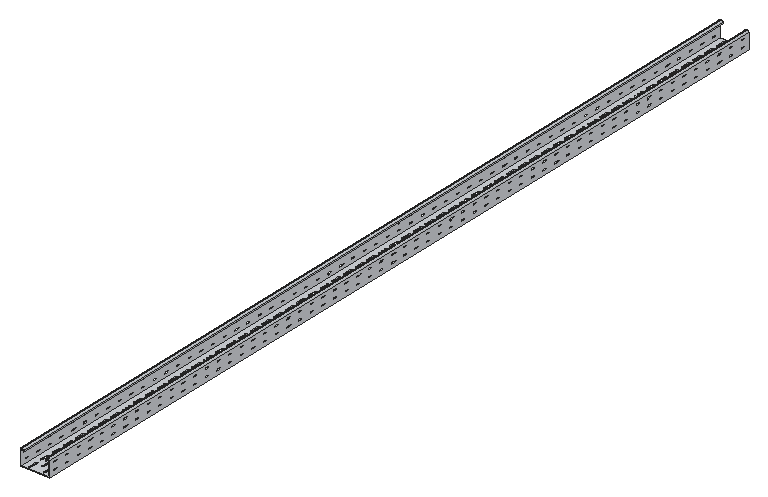
Revit family "Kabelrinne_610_FT_FS_A2_A4_FTSO", category Generic Models, Revit 2017
Family settings
  Can host rebar = No
  Round Connector Dimension = Use Diameter
  Part Type = Normal
  Work Plane-Based = No
  Always vertical = Yes
  Cut with Voids When Loaded = No
  Shared = No
  Room Calculation Point = No
Parameters (values of type "SKS 610 FT SO")
  Width 1 = Width / 2  # 50 mm
  Width = 100 mm
  URL = "http:/www.obo-bettermann.com"
  Material = hot-dip galvanised
  Manufacturer Art.No. = "7190125"
  Manufacturer = "OBO BETTERMANN"
  Length = 3000 mm
  Height = 51.418 mm
  GTIN = "4012196147137"
  Cut's space = 50 mm
  Cut's number 3 = (Length / Cut's space) - 1  # 59
  Cut's number 2 = Length / Cut's space  # 60
  Cut's number = 2
  Article Type = "SKS 610 FT SO"
Reference planes
  plane 1 "Center (Front/Back)": y = 0
  plane 2: z = 0
  plane 3 "Center (Left/Right)": x = 0
  plane 4: z = 51.418
  plane 5: y = -3000
  plane 6: x = -50
  plane 7: x = -48.464
  plane 8: x = -50
  plane 9: x = -48.497
  plane 10: x = -50
  plane 11: x = -48.497
  plane 12: x = 50
  plane 13: x = 48.468
  plane 14: x = 50
  plane 15: x = 48.468
  plane 16: x = -50
  plane 17: x = -48.497
  plane 18: x = -50
  plane 19: x = -48.497
  plane 20: x = -50
  plane 21: x = -48.497
  plane 22: x = 50
  plane 23: x = 48.468
  plane 24: x = 50
  plane 25: x = 48.468
  plane 26: x = 50
  plane 27: x = 48.468
  plane 28: x = -50
  plane 29: x = -48.497
  plane 30: x = -50
  plane 31: x = -48.497
  plane 32: x = -50
  plane 33: x = -48.497
  plane 34: x = -50
  plane 35: x = -48.497
  plane 36: x = -50
  plane 37: x = -48.497
  plane 38: x = -50
  plane 39: x = -48.497
  plane 40: x = -50
  plane 41: x = -48.497
  plane 42: x = -50
  plane 43: x = -48.497
  plane 44: x = -50
  plane 45: x = -48.497
  plane 46: x = -50
  plane 47: x = -48.497
  plane 48: x = -50
  plane 49: x = -48.497
  plane 50: x = -50
  plane 51: x = -48.497
  plane 52: x = -50
  plane 53: x = -48.497
  plane 54: x = -50
  plane 55: x = -48.497
  plane 56: x = -50
  plane 57: x = -48.497
  plane 58: x = -50
  plane 59: x = -48.497
  plane 60: x = -50
  plane 61: x = -48.497
  plane 62: x = -50
  plane 63: x = -48.497
  plane 64: x = -50
  plane 65: x = -48.497
  plane 66: x = -50
  plane 67: x = -48.497
  plane 68: x = -50
  plane 69: x = -48.497
  plane 70: x = -50
  plane 71: x = -48.497
  plane 72: x = -50
  plane 73: x = -48.497
  plane 74: x = -50
  plane 75: x = -48.497
  plane 76: x = -50
  plane 77: x = -48.497
  plane 78: x = -50
  plane 79: x = -48.497
  plane 80: x = -50
  plane 81: x = -48.497
  plane 82: x = -50
  plane 83: x = -48.497
  plane 84: x = -50
  plane 85: x = -48.497
  plane 86: x = -50
  plane 87: x = -48.497
  plane 88: x = -50
  plane 89: x = -48.497
  plane 90: x = -50
  plane 91: x = -48.497
  plane 92: x = -50
  plane 93: x = -48.497
  plane 94: x = -50
  plane 95: x = -48.497
  plane 96: x = -50
  plane 97: x = -48.497
  plane 98: x = -50
  plane 99: x = -48.497
  plane 100: x = -50
  plane 101: x = -48.497
  plane 102: x = -50
  plane 103: x = -48.497
  plane 104: x = -50
  plane 105: x = -48.497
  plane 106: x = -50
  plane 107: x = -48.497
  plane 108: x = -50
  plane 109: x = -48.497
  plane 110: x = -50
  plane 111: x = -48.497
  plane 112: x = -50
  plane 113: x = -48.497
  plane 114: x = -50
  plane 115: x = -48.497
  plane 116: x = -50
  plane 117: x = -48.497
  plane 118: x = -50
  plane 119: x = -48.497
  plane 120: x = -50
  plane 121: x = -48.497
  plane 122: x = -50
  plane 123: x = -48.497
  plane 124: x = -50
  plane 125: x = -48.497
  plane 126: x = -50
  plane 127: x = -48.497
  plane 128: x = -50
  plane 129: x = -48.497
  plane 130: x = -50
  plane 131: x = -48.497
  plane 132: x = -50
  plane 133: x = -48.497
  plane 134: x = -50
  plane 135: x = -48.497
  plane 136: x = -50
  plane 137: x = -48.497
  plane 138: x = -50
  plane 139: x = -48.497
  plane 140: x = -50
  plane 141: x = -48.497
  plane 142: x = -50
  plane 143: x = -48.497
  plane 144: x = -50
  plane 145: x = -48.497
  plane 146: x = -50
  plane 147: x = -48.497
  plane 148: x = -50
  plane 149: x = -48.497
  plane 150: x = -50
  plane 151: x = -48.497
  plane 152: x = -50
  plane 153: x = -48.497
  plane 154: x = -50
  plane 155: x = -48.497
  plane 156: x = -50
  plane 157: x = -48.497
  plane 158: x = -50
  plane 159: x = -48.497
  plane 160: x = -50
  plane 161: x = -48.497
  plane 162: x = -50
  plane 163: x = -48.497
  plane 164: x = -50
  plane 165: x = -48.497
  plane 166: x = -50
  plane 167: x = -48.497
  plane 168: x = -50
  plane 169: x = -48.497
  plane 170: x = -50
  plane 171: x = -48.497
  plane 172: x = -50
  plane 173: x = -48.497
  plane 174: x = -50
  plane 175: x = -48.497
  plane 176: x = -50
  plane 177: x = -48.497
  plane 178: x = -50
  plane 179: x = -48.497
  plane 180: x = -50
  plane 181: x = -48.497
  plane 182: x = -50
  plane 183: x = -48.497
  plane 184: x = -50
  plane 185: x = -48.497
  plane 186: x = -50
  plane 187: x = -48.497
  plane 188: x = -50
  plane 189: x = -48.497
  plane 190: x = -50
  plane 191: x = -48.497
  plane 192: x = -50
  plane 193: x = -48.497
  plane 194: x = -50
  plane 195: x = -48.497
  plane 196: x = -50
  plane 197: x = -48.497
  plane 198: x = -50
  plane 199: x = -48.497
  plane 200: x = -50
  plane 201: x = -48.497
  plane 202: x = -50
  plane 203: x = -48.497
  plane 204: x = -50
  plane 205: x = -48.497
  plane 206: x = -50
  plane 207: x = -48.497
  plane 208: x = -50
  plane 209: x = -48.497
  plane 210: x = -50
  plane 211: x = -48.497
  plane 212: x = -50
  plane 213: x = -48.497
  plane 214: x = -50
  plane 215: x = -48.497
  plane 216: x = -50
  plane 217: x = -48.497
  plane 218: x = -50
  plane 219: x = -48.497
  plane 220: x = -50
  plane 221: x = -48.497
  plane 222: x = -50
  plane 223: x = -48.497
  plane 224: x = -50
  plane 225: x = -48.497
  plane 226: x = -50
  plane 227: x = -48.497
  plane 228: x = -50
  plane 229: x = -48.497
  plane 230: x = -50
  plane 231: x = -48.497
  plane 232: x = -50
  plane 233: x = -48.497
  plane 234: x = -50
  plane 235: x = -48.497
  plane 236: x = -50
  plane 237: x = -48.497
  plane 238: x = -50
  plane 239: x = -48.497
  plane 240: x = -50
  plane 241: x = -48.497
  plane 242: x = -50
  plane 243: x = -48.497
  plane 244: x = -50
  plane 245: x = -48.497
  plane 246: x = -50
  plane 247: x = -48.497
  plane 248: x = -50
  plane 249: x = -48.497
  plane 250: x = -50
  plane 251: x = -48.497
  plane 252: x = -50
  plane 253: x = -48.497
  plane 254: x = -50
  plane 255: x = -48.497
  plane 256: x = -50
  plane 257: x = -48.497
  plane 258: x = -50
  plane 259: x = -48.497
  plane 260: x = 50
  plane 261: x = 48.468
  plane 262: x = 50
  plane 263: x = 48.468
  plane 264: x = 50
  plane 265: x = 48.468
  plane 266: x = 50
  plane 267: x = 48.468
  plane 268: x = 50
  plane 269: x = 48.468
  plane 270: x = 50
  plane 271: x = 48.468
  plane 272: x = 50
  plane 273: x = 48.468
  plane 274: x = 50
  plane 275: x = 48.468
  plane 276: x = 50
  plane 277: x = 48.468
  plane 278: x = 50
  plane 279: x = 48.468
  plane 280: x = 50
  plane 281: x = 48.468
  plane 282: x = 50
  plane 283: x = 48.468
  plane 284: x = 50
  plane 285: x = 48.468
  plane 286: x = 50
  plane 287: x = 48.468
  plane 288: x = 50
  plane 289: x = 48.468
  plane 290: x = 50
  plane 291: x = 48.468
  plane 292: x = 50
  plane 293: x = 48.468
  plane 294: x = 50
  plane 295: x = 48.468
  plane 296: x = 50
  plane 297: x = 48.468
  plane 298: x = 50
  plane 299: x = 48.468
  plane 300: x = 50
  plane 301: x = 48.468
  plane 302: x = 50
  plane 303: x = 48.468
  plane 304: x = 50
  plane 305: x = 48.468
  plane 306: x = 50
  plane 307: x = 48.468
  plane 308: x = 50
  plane 309: x = 48.468
  plane 310: x = 50
  plane 311: x = 48.468
  plane 312: x = 50
  plane 313: x = 48.468
  plane 314: x = 50
  plane 315: x = 48.468
  plane 316: x = 50
  plane 317: x = 48.468
  plane 318: x = 50
  plane 319: x = 48.468
  plane 320: x = 50
  plane 321: x = 48.468
  plane 322: x = 50
  plane 323: x = 48.468
  plane 324: x = 50
  plane 325: x = 48.468
  plane 326: x = 50
  plane 327: x = 48.468
  plane 328: x = 50
  plane 329: x = 48.468
  plane 330: x = 50
  plane 331: x = 48.468
  plane 332: x = 50
  plane 333: x = 48.468
  plane 334: x = 50
  plane 335: x = 48.468
  plane 336: x = 50
  plane 337: x = 48.468
  plane 338: x = 50
  plane 339: x = 48.468
  plane 340: x = 50
  plane 341: x = 48.468
  plane 342: x = 50
  plane 343: x = 48.468
  plane 344: x = 50
  plane 345: x = 48.468
  plane 346: x = 50
  plane 347: x = 48.468
  plane 348: x = 50
  plane 349: x = 48.468
  plane 350: x = 50
  plane 351: x = 48.468
  plane 352: x = 50
  plane 353: x = 48.468
  plane 354: x = 50
  plane 355: x = 48.468
  plane 356: x = 50
  plane 357: x = 48.468
  plane 358: x = 50
  plane 359: x = 48.468
  plane 360: x = 50
  plane 361: x = 48.468
  plane 362: x = 50
  plane 363: x = 48.468
  plane 364: x = 50
  plane 365: x = 48.468
  plane 366: x = 50
  plane 367: x = 48.468
  plane 368: x = 50
  plane 369: x = 48.468
  plane 370: x = 50
  plane 371: x = 48.468
  plane 372: x = 50
  plane 373: x = 48.468
  plane 374: x = 50
  plane 375: x = 48.468
  plane 376: x = 50
  plane 377: x = 48.468
  plane 378: x = 50
  plane 379: x = 48.468
  plane 380: x = 50
  plane 381: x = 48.468
  plane 382: x = 50
  plane 383: x = 48.468
  plane 384: x = 50
  plane 385: x = 48.468
  plane 386: x = 50
  plane 387: x = 48.468
  plane 388: x = 50
  plane 389: x = 48.468
  plane 390: x = 50
  plane 391: x = 48.468
  plane 392: x = 50
  plane 393: x = 48.468
  plane 394: x = 50
  plane 395: x = 48.468
  plane 396: x = 50
  plane 397: x = 48.468
  plane 398: x = 50
  plane 399: x = 48.468
  plane 400: x = 50
  plane 401: x = 48.468
  plane 402: x = 50
  plane 403: x = 48.468
  plane 404: x = 50
  plane 405: x = 48.468
  plane 406: x = 50
  plane 407: x = 48.468
  plane 408: x = 50
  plane 409: x = 48.468
  plane 410: x = 50
  plane 411: x = 48.468
  plane 412: x = 50
  plane 413: x = 48.468
  plane 414: x = 50
  plane 415: x = 48.468
  plane 416: x = 50
  plane 417: x = 48.468
  plane 418: x = 50
  plane 419: x = 48.468
  plane 420: x = 50
  plane 421: x = 48.468
  plane 422: x = 50
  plane 423: x = 48.468
  plane 424: x = 50
  plane 425: x = 48.468
  plane 426: x = 50
  plane 427: x = 48.468
  plane 428: x = 50
  plane 429: x = 48.468
  plane 430: x = 50
  plane 431: x = 48.468
  plane 432: x = 50
  plane 433: x = 48.468
  plane 434: x = 50
  plane 435: x = 48.468
  plane 436: x = 50
  plane 437: x = 48.468
  plane 438: x = 50
  plane 439: x = 48.468
  plane 440: x = 50
  plane 441: x = 48.468
  plane 442: x = 50
  plane 443: x = 48.468
  plane 444: x = 50
  plane 445: x = 48.468
  plane 446: x = 50
  plane 447: x = 48.468
  plane 448: x = 50
  plane 449: x = 48.468
  plane 450: x = 50
  plane 451: x = 48.468
  plane 452: x = 50
  plane 453: x = 48.468
  plane 454: x = 50
  plane 455: x = 48.468
  plane 456: x = 50
  plane 457: x = 48.468
  plane 458: x = 50
  plane 459: x = 48.468
  plane 460: x = 50
  plane 461: x = 48.468
  plane 462: x = 50
  plane 463: x = 48.468
  plane 464: x = 50
  plane 465: x = 48.468
  plane 466: x = 50
  plane 467: x = 48.468
  plane 468: x = 50
  plane 469: x = 48.468
  plane 470: x = 50
  plane 471: x = 48.468
  plane 472: x = 50
  plane 473: x = 48.468
  plane 474: x = 50
  plane 475: x = 48.468
  plane 476: x = 50
  plane 477: x = 48.468
  plane 478: x = 50
  plane 479: x = 48.468
  plane 480: x = 50
  plane 481: x = 48.468
  plane 482: x = 50
  plane 483: x = 48.468
  plane 484: x = 50
  plane 485: x = 48.468
  plane 486: x = 50
  plane 487: x = 48.468
  plane 488: x = 50
  plane 489: x = 48.468
  plane 490: x = 50
  plane 491: x = 48.468
  plane 492: z = 1.5
  plane 493: z = 0
  plane 494: z = 1.5
  plane 495: z = 0.015
Forms (mm)
  Extrusion 1, solid
    sketch origin (0, 0, -3.582) x (1, 0, 0) y (0, 0, 1)
      loop
        line (-50, 3.582) -> (50, 3.582) -> (50, 55)
        arc (50, 55) -> (44, 61) -> (38, 55) r 6
        line (38, 55) -> (38, 52) -> (39.5, 52) -> (39.5, 55)
        arc (39.5, 55) -> (44, 59.5) -> (48.5, 55) r 4.5
        line (48.5, 55) -> (48.5, 5.082) -> (-48.5, 5.082) -> (-48.5, 55)
        arc (-48.5, 55) -> (-44, 59.5) -> (-39.5, 55) r 4.5
        line (-39.5, 55) -> (-39.5, 52) -> (-38, 52) -> (-38, 55)
        arc (-38, 55) -> (-44, 61) -> (-50, 55) r 6
        line (-50, 55) -> (-50, 3.582)
    from 0 to 3000
  Extrusion 2, void, not visible
    sketch origin (26.635, 0, 0.358) x (0, 1, 0) y (0, 0, 1)
      loop
        line (-18.5, 18.19) -> (-31.5, 18.19)
        arc (-31.5, 18.19) -> (-35, 14.69) -> (-31.5, 11.19) r 3.5
        line (-31.5, 11.19) -> (-18.5, 11.19)
        arc (-18.5, 11.19) -> (-15, 14.69) -> (-18.5, 18.19) r 3.5
    from 68.745 to 70.285
  Extrusion 3, void, not visible
    sketch origin (-11.571, 0, 1.591) x (0, 1, 0) y (0, 0, 1)
      loop
        line (-18.5, 18.5) -> (-31.5, 18.5)
        arc (-31.5, 18.5) -> (-35, 15) -> (-31.5, 11.5) r 3.5
        line (-31.5, 11.5) -> (-18.5, 11.5)
        arc (-18.5, 11.5) -> (-15, 15) -> (-18.5, 18.5) r 3.5
    from -38.429 to -36.893
  Extrusion 4, void
    sketch origin (11.074, 0, 0) x (0, 1, 0) y (0, 0, 1)
      loop
        line (-18.5, 18.5) -> (-31.5, 18.5)
        arc (-31.5, 18.5) -> (-35, 15) -> (-31.5, 11.5) r 3.5
        line (-31.5, 11.5) -> (-18.5, 11.5)
        arc (-18.5, 11.5) -> (-15, 15) -> (-18.5, 18.5) r 3.5
    from -61.074 to -59.571
  Extrusion 5, void
    sketch origin (11.074, 0, 25) x (0, 1, 0) y (0, 0, 1)
      loop
        line (-18.5, 18.5) -> (-31.5, 18.5)
        arc (-31.5, 18.5) -> (-35, 15) -> (-31.5, 11.5) r 3.5
        line (-31.5, 11.5) -> (-18.5, 11.5)
        arc (-18.5, 11.5) -> (-15, 15) -> (-18.5, 18.5) r 3.5
    from -61.074 to -59.571
  Extrusion 6, void
    sketch origin (-14.708, 0, 0) x (0, 1, 0) y (0, 0, 1)
      loop
        arc (-31.5, 18.5) -> (-35, 15) -> (-31.5, 11.5) r 3.5
        line (-31.5, 11.5) -> (-18.5, 11.5)
        arc (-18.5, 11.5) -> (-15, 15) -> (-18.5, 18.5) r 3.5
        line (-18.5, 18.5) -> (-31.5, 18.5)
    from 63.177 to 64.708
  Extrusion 7, void
    sketch origin (-14.708, 0, 25) x (0, 1, 0) y (0, 0, 1)
      loop
        arc (-31.5, 18.5) -> (-35, 15) -> (-31.5, 11.5) r 3.5
        line (-31.5, 11.5) -> (-18.5, 11.5)
        arc (-18.5, 11.5) -> (-15, 15) -> (-18.5, 18.5) r 3.5
        line (-18.5, 18.5) -> (-31.5, 18.5)
    from 63.177 to 64.708
  Extrusion 8, void, not visible
    sketch origin (11.074, 0, 0) x (0, 1, 0) y (0, 0, 1)
      loop
        line (-18.5, 18.5) -> (-31.5, 18.5)
        arc (-31.5, 18.5) -> (-35, 15) -> (-31.5, 11.5) r 3.5
        line (-31.5, 11.5) -> (-18.5, 11.5)
        arc (-18.5, 11.5) -> (-15, 15) -> (-18.5, 18.5) r 3.5
    from -61.074 to -59.571
  Extrusion 9, void
    sketch origin (11.074, -50, 0) x (0, 1, 0) y (0, 0, 1)
      loop
        line (-18.5, 18.5) -> (-31.5, 18.5)
        arc (-31.5, 18.5) -> (-35, 15) -> (-31.5, 11.5) r 3.5
        line (-31.5, 11.5) -> (-18.5, 11.5)
        arc (-18.5, 11.5) -> (-15, 15) -> (-18.5, 18.5) r 3.5
    from -61.074 to -59.571
  Extrusion 10, void
    sketch origin (11.074, -50, 25) x (0, 1, 0) y (0, 0, 1)
      loop
        line (-18.5, 18.5) -> (-31.5, 18.5)
        arc (-31.5, 18.5) -> (-35, 15) -> (-31.5, 11.5) r 3.5
        line (-31.5, 11.5) -> (-18.5, 11.5)
        arc (-18.5, 11.5) -> (-15, 15) -> (-18.5, 18.5) r 3.5
    from -61.074 to -59.571
  Extrusion 11, void, not visible
    sketch origin (-14.708, 0, 0) x (0, 1, 0) y (0, 0, 1)
      loop
        arc (-31.5, 18.5) -> (-35, 15) -> (-31.5, 11.5) r 3.5
        line (-31.5, 11.5) -> (-18.5, 11.5)
        arc (-18.5, 11.5) -> (-15, 15) -> (-18.5, 18.5) r 3.5
        line (-18.5, 18.5) -> (-31.5, 18.5)
    from 63.177 to 64.708
  Extrusion 12, void
    sketch origin (-14.708, -50, 0) x (0, 1, 0) y (0, 0, 1)
      loop
        arc (-31.5, 18.5) -> (-35, 15) -> (-31.5, 11.5) r 3.5
        line (-31.5, 11.5) -> (-18.5, 11.5)
        arc (-18.5, 11.5) -> (-15, 15) -> (-18.5, 18.5) r 3.5
        line (-18.5, 18.5) -> (-31.5, 18.5)
    from 63.177 to 64.708
  Extrusion 13, void
    sketch origin (-14.708, -50, 25) x (0, 1, 0) y (0, 0, 1)
      loop
        arc (-31.5, 18.5) -> (-35, 15) -> (-31.5, 11.5) r 3.5
        line (-31.5, 11.5) -> (-18.5, 11.5)
        arc (-18.5, 11.5) -> (-15, 15) -> (-18.5, 18.5) r 3.5
        line (-18.5, 18.5) -> (-31.5, 18.5)
    from 63.177 to 64.708
  Extrusion 14, void
    sketch origin (11.074, -100, 0) x (0, 1, 0) y (0, 0, 1)
      loop
        line (-18.5, 18.5) -> (-31.5, 18.5)
        arc (-31.5, 18.5) -> (-35, 15) -> (-31.5, 11.5) r 3.5
        line (-31.5, 11.5) -> (-18.5, 11.5)
        arc (-18.5, 11.5) -> (-15, 15) -> (-18.5, 18.5) r 3.5
    from -61.074 to -59.571
  Extrusion 15, void
    sketch origin (11.074, -100, 25) x (0, 1, 0) y (0, 0, 1)
      loop
        line (-18.5, 18.5) -> (-31.5, 18.5)
        arc (-31.5, 18.5) -> (-35, 15) -> (-31.5, 11.5) r 3.5
        line (-31.5, 11.5) -> (-18.5, 11.5)
        arc (-18.5, 11.5) -> (-15, 15) -> (-18.5, 18.5) r 3.5
    from -61.074 to -59.571
  Extrusion 16, void
    sketch origin (11.074, -150, 0) x (0, 1, 0) y (0, 0, 1)
      loop
        line (-18.5, 18.5) -> (-31.5, 18.5)
        arc (-31.5, 18.5) -> (-35, 15) -> (-31.5, 11.5) r 3.5
        line (-31.5, 11.5) -> (-18.5, 11.5)
        arc (-18.5, 11.5) -> (-15, 15) -> (-18.5, 18.5) r 3.5
    from -61.074 to -59.571
  Extrusion 17, void
    sketch origin (11.074, -150, 25) x (0, 1, 0) y (0, 0, 1)
      loop
        line (-18.5, 18.5) -> (-31.5, 18.5)
        arc (-31.5, 18.5) -> (-35, 15) -> (-31.5, 11.5) r 3.5
        line (-31.5, 11.5) -> (-18.5, 11.5)
        arc (-18.5, 11.5) -> (-15, 15) -> (-18.5, 18.5) r 3.5
    from -61.074 to -59.571
  Extrusion 18, void
    sketch origin (11.074, -200, 0) x (0, 1, 0) y (0, 0, 1)
      loop
        line (-18.5, 18.5) -> (-31.5, 18.5)
        arc (-31.5, 18.5) -> (-35, 15) -> (-31.5, 11.5) r 3.5
        line (-31.5, 11.5) -> (-18.5, 11.5)
        arc (-18.5, 11.5) -> (-15, 15) -> (-18.5, 18.5) r 3.5
    from -61.074 to -59.571
  Extrusion 19, void
    sketch origin (11.074, -200, 25) x (0, 1, 0) y (0, 0, 1)
      loop
        line (-18.5, 18.5) -> (-31.5, 18.5)
        arc (-31.5, 18.5) -> (-35, 15) -> (-31.5, 11.5) r 3.5
        line (-31.5, 11.5) -> (-18.5, 11.5)
        arc (-18.5, 11.5) -> (-15, 15) -> (-18.5, 18.5) r 3.5
    from -61.074 to -59.571
  Extrusion 20, void
    sketch origin (11.074, -250, 0) x (0, 1, 0) y (0, 0, 1)
      loop
        line (-18.5, 18.5) -> (-31.5, 18.5)
        arc (-31.5, 18.5) -> (-35, 15) -> (-31.5, 11.5) r 3.5
        line (-31.5, 11.5) -> (-18.5, 11.5)
        arc (-18.5, 11.5) -> (-15, 15) -> (-18.5, 18.5) r 3.5
    from -61.074 to -59.571
  Extrusion 21, void
    sketch origin (11.074, -250, 25) x (0, 1, 0) y (0, 0, 1)
      loop
        line (-18.5, 18.5) -> (-31.5, 18.5)
        arc (-31.5, 18.5) -> (-35, 15) -> (-31.5, 11.5) r 3.5
        line (-31.5, 11.5) -> (-18.5, 11.5)
        arc (-18.5, 11.5) -> (-15, 15) -> (-18.5, 18.5) r 3.5
    from -61.074 to -59.571
  Extrusion 22, void
    sketch origin (11.074, -300, 0) x (0, 1, 0) y (0, 0, 1)
      loop
        line (-18.5, 18.5) -> (-31.5, 18.5)
        arc (-31.5, 18.5) -> (-35, 15) -> (-31.5, 11.5) r 3.5
        line (-31.5, 11.5) -> (-18.5, 11.5)
        arc (-18.5, 11.5) -> (-15, 15) -> (-18.5, 18.5) r 3.5
    from -61.074 to -59.571
  Extrusion 23, void
    sketch origin (11.074, -300, 25) x (0, 1, 0) y (0, 0, 1)
      loop
        line (-18.5, 18.5) -> (-31.5, 18.5)
        arc (-31.5, 18.5) -> (-35, 15) -> (-31.5, 11.5) r 3.5
        line (-31.5, 11.5) -> (-18.5, 11.5)
        arc (-18.5, 11.5) -> (-15, 15) -> (-18.5, 18.5) r 3.5
    from -61.074 to -59.571
  Extrusion 24, void
    sketch origin (11.074, -350, 0) x (0, 1, 0) y (0, 0, 1)
      loop
        line (-18.5, 18.5) -> (-31.5, 18.5)
        arc (-31.5, 18.5) -> (-35, 15) -> (-31.5, 11.5) r 3.5
        line (-31.5, 11.5) -> (-18.5, 11.5)
        arc (-18.5, 11.5) -> (-15, 15) -> (-18.5, 18.5) r 3.5
    from -61.074 to -59.571
  Extrusion 25, void
    sketch origin (11.074, -350, 25) x (0, 1, 0) y (0, 0, 1)
      loop
        line (-18.5, 18.5) -> (-31.5, 18.5)
        arc (-31.5, 18.5) -> (-35, 15) -> (-31.5, 11.5) r 3.5
        line (-31.5, 11.5) -> (-18.5, 11.5)
        arc (-18.5, 11.5) -> (-15, 15) -> (-18.5, 18.5) r 3.5
    from -61.074 to -59.571
  Extrusion 26, void
    sketch origin (11.074, -400, 0) x (0, 1, 0) y (0, 0, 1)
      loop
        line (-18.5, 18.5) -> (-31.5, 18.5)
        arc (-31.5, 18.5) -> (-35, 15) -> (-31.5, 11.5) r 3.5
        line (-31.5, 11.5) -> (-18.5, 11.5)
        arc (-18.5, 11.5) -> (-15, 15) -> (-18.5, 18.5) r 3.5
    from -61.074 to -59.571
  Extrusion 27, void
    sketch origin (11.074, -400, 25) x (0, 1, 0) y (0, 0, 1)
      loop
        line (-18.5, 18.5) -> (-31.5, 18.5)
        arc (-31.5, 18.5) -> (-35, 15) -> (-31.5, 11.5) r 3.5
        line (-31.5, 11.5) -> (-18.5, 11.5)
        arc (-18.5, 11.5) -> (-15, 15) -> (-18.5, 18.5) r 3.5
    from -61.074 to -59.571
  Extrusion 28, void
    sketch origin (11.074, -450, 0) x (0, 1, 0) y (0, 0, 1)
      loop
        line (-18.5, 18.5) -> (-31.5, 18.5)
        arc (-31.5, 18.5) -> (-35, 15) -> (-31.5, 11.5) r 3.5
        line (-31.5, 11.5) -> (-18.5, 11.5)
        arc (-18.5, 11.5) -> (-15, 15) -> (-18.5, 18.5) r 3.5
    from -61.074 to -59.571
  Extrusion 29, void
    sketch origin (11.074, -450, 25) x (0, 1, 0) y (0, 0, 1)
      loop
        line (-18.5, 18.5) -> (-31.5, 18.5)
        arc (-31.5, 18.5) -> (-35, 15) -> (-31.5, 11.5) r 3.5
        line (-31.5, 11.5) -> (-18.5, 11.5)
        arc (-18.5, 11.5) -> (-15, 15) -> (-18.5, 18.5) r 3.5
    from -61.074 to -59.571
  Extrusion 30, void
    sketch origin (11.074, -500, 0) x (0, 1, 0) y (0, 0, 1)
      loop
        line (-18.5, 18.5) -> (-31.5, 18.5)
        arc (-31.5, 18.5) -> (-35, 15) -> (-31.5, 11.5) r 3.5
        line (-31.5, 11.5) -> (-18.5, 11.5)
        arc (-18.5, 11.5) -> (-15, 15) -> (-18.5, 18.5) r 3.5
    from -61.074 to -59.571
  Extrusion 31, void
    sketch origin (11.074, -500, 25) x (0, 1, 0) y (0, 0, 1)
      loop
        line (-18.5, 18.5) -> (-31.5, 18.5)
        arc (-31.5, 18.5) -> (-35, 15) -> (-31.5, 11.5) r 3.5
        line (-31.5, 11.5) -> (-18.5, 11.5)
        arc (-18.5, 11.5) -> (-15, 15) -> (-18.5, 18.5) r 3.5
    from -61.074 to -59.571
  Extrusion 32, void
    sketch origin (11.074, -550, 0) x (0, 1, 0) y (0, 0, 1)
      loop
        line (-18.5, 18.5) -> (-31.5, 18.5)
        arc (-31.5, 18.5) -> (-35, 15) -> (-31.5, 11.5) r 3.5
        line (-31.5, 11.5) -> (-18.5, 11.5)
        arc (-18.5, 11.5) -> (-15, 15) -> (-18.5, 18.5) r 3.5
    from -61.074 to -59.571
  Extrusion 33, void
    sketch origin (11.074, -550, 25) x (0, 1, 0) y (0, 0, 1)
      loop
        line (-18.5, 18.5) -> (-31.5, 18.5)
        arc (-31.5, 18.5) -> (-35, 15) -> (-31.5, 11.5) r 3.5
        line (-31.5, 11.5) -> (-18.5, 11.5)
        arc (-18.5, 11.5) -> (-15, 15) -> (-18.5, 18.5) r 3.5
    from -61.074 to -59.571
  Extrusion 34, void
    sketch origin (11.074, -600, 0) x (0, 1, 0) y (0, 0, 1)
      loop
        line (-18.5, 18.5) -> (-31.5, 18.5)
        arc (-31.5, 18.5) -> (-35, 15) -> (-31.5, 11.5) r 3.5
        line (-31.5, 11.5) -> (-18.5, 11.5)
        arc (-18.5, 11.5) -> (-15, 15) -> (-18.5, 18.5) r 3.5
    from -61.074 to -59.571
  Extrusion 35, void
    sketch origin (11.074, -600, 25) x (0, 1, 0) y (0, 0, 1)
      loop
        line (-18.5, 18.5) -> (-31.5, 18.5)
        arc (-31.5, 18.5) -> (-35, 15) -> (-31.5, 11.5) r 3.5
        line (-31.5, 11.5) -> (-18.5, 11.5)
        arc (-18.5, 11.5) -> (-15, 15) -> (-18.5, 18.5) r 3.5
    from -61.074 to -59.571
  Extrusion 36, void
    sketch origin (11.074, -650, 0) x (0, 1, 0) y (0, 0, 1)
      loop
        line (-18.5, 18.5) -> (-31.5, 18.5)
        arc (-31.5, 18.5) -> (-35, 15) -> (-31.5, 11.5) r 3.5
        line (-31.5, 11.5) -> (-18.5, 11.5)
        arc (-18.5, 11.5) -> (-15, 15) -> (-18.5, 18.5) r 3.5
    from -61.074 to -59.571
  Extrusion 37, void
    sketch origin (11.074, -650, 25) x (0, 1, 0) y (0, 0, 1)
      loop
        line (-18.5, 18.5) -> (-31.5, 18.5)
        arc (-31.5, 18.5) -> (-35, 15) -> (-31.5, 11.5) r 3.5
        line (-31.5, 11.5) -> (-18.5, 11.5)
        arc (-18.5, 11.5) -> (-15, 15) -> (-18.5, 18.5) r 3.5
    from -61.074 to -59.571
  Extrusion 38, void
    sketch origin (11.074, -700, 0) x (0, 1, 0) y (0, 0, 1)
      loop
        line (-18.5, 18.5) -> (-31.5, 18.5)
        arc (-31.5, 18.5) -> (-35, 15) -> (-31.5, 11.5) r 3.5
        line (-31.5, 11.5) -> (-18.5, 11.5)
        arc (-18.5, 11.5) -> (-15, 15) -> (-18.5, 18.5) r 3.5
    from -61.074 to -59.571
  Extrusion 39, void
    sketch origin (11.074, -700, 25) x (0, 1, 0) y (0, 0, 1)
      loop
        line (-18.5, 18.5) -> (-31.5, 18.5)
        arc (-31.5, 18.5) -> (-35, 15) -> (-31.5, 11.5) r 3.5
        line (-31.5, 11.5) -> (-18.5, 11.5)
        arc (-18.5, 11.5) -> (-15, 15) -> (-18.5, 18.5) r 3.5
    from -61.074 to -59.571
  Extrusion 40, void
    sketch origin (11.074, -750, 0) x (0, 1, 0) y (0, 0, 1)
      loop
        line (-18.5, 18.5) -> (-31.5, 18.5)
        arc (-31.5, 18.5) -> (-35, 15) -> (-31.5, 11.5) r 3.5
        line (-31.5, 11.5) -> (-18.5, 11.5)
        arc (-18.5, 11.5) -> (-15, 15) -> (-18.5, 18.5) r 3.5
    from -61.074 to -59.571
  Extrusion 41, void
    sketch origin (11.074, -750, 25) x (0, 1, 0) y (0, 0, 1)
      loop
        line (-18.5, 18.5) -> (-31.5, 18.5)
        arc (-31.5, 18.5) -> (-35, 15) -> (-31.5, 11.5) r 3.5
        line (-31.5, 11.5) -> (-18.5, 11.5)
        arc (-18.5, 11.5) -> (-15, 15) -> (-18.5, 18.5) r 3.5
    from -61.074 to -59.571
  Extrusion 42, void
    sketch origin (11.074, -800, 0) x (0, 1, 0) y (0, 0, 1)
      loop
        line (-18.5, 18.5) -> (-31.5, 18.5)
        arc (-31.5, 18.5) -> (-35, 15) -> (-31.5, 11.5) r 3.5
        line (-31.5, 11.5) -> (-18.5, 11.5)
        arc (-18.5, 11.5) -> (-15, 15) -> (-18.5, 18.5) r 3.5
    from -61.074 to -59.571
  Extrusion 43, void
    sketch origin (11.074, -800, 25) x (0, 1, 0) y (0, 0, 1)
      loop
        line (-18.5, 18.5) -> (-31.5, 18.5)
        arc (-31.5, 18.5) -> (-35, 15) -> (-31.5, 11.5) r 3.5
        line (-31.5, 11.5) -> (-18.5, 11.5)
        arc (-18.5, 11.5) -> (-15, 15) -> (-18.5, 18.5) r 3.5
    from -61.074 to -59.571
  Extrusion 44, void
    sketch origin (11.074, -850, 0) x (0, 1, 0) y (0, 0, 1)
      loop
        line (-18.5, 18.5) -> (-31.5, 18.5)
        arc (-31.5, 18.5) -> (-35, 15) -> (-31.5, 11.5) r 3.5
        line (-31.5, 11.5) -> (-18.5, 11.5)
        arc (-18.5, 11.5) -> (-15, 15) -> (-18.5, 18.5) r 3.5
    from -61.074 to -59.571
  Extrusion 45, void
    sketch origin (11.074, -850, 25) x (0, 1, 0) y (0, 0, 1)
      loop
        line (-18.5, 18.5) -> (-31.5, 18.5)
        arc (-31.5, 18.5) -> (-35, 15) -> (-31.5, 11.5) r 3.5
        line (-31.5, 11.5) -> (-18.5, 11.5)
        arc (-18.5, 11.5) -> (-15, 15) -> (-18.5, 18.5) r 3.5
    from -61.074 to -59.571
  Extrusion 46, void
    sketch origin (11.074, -900, 0) x (0, 1, 0) y (0, 0, 1)
      loop
        line (-18.5, 18.5) -> (-31.5, 18.5)
        arc (-31.5, 18.5) -> (-35, 15) -> (-31.5, 11.5) r 3.5
        line (-31.5, 11.5) -> (-18.5, 11.5)
        arc (-18.5, 11.5) -> (-15, 15) -> (-18.5, 18.5) r 3.5
    from -61.074 to -59.571
  Extrusion 47, void
    sketch origin (11.074, -900, 25) x (0, 1, 0) y (0, 0, 1)
      loop
        line (-18.5, 18.5) -> (-31.5, 18.5)
        arc (-31.5, 18.5) -> (-35, 15) -> (-31.5, 11.5) r 3.5
        line (-31.5, 11.5) -> (-18.5, 11.5)
        arc (-18.5, 11.5) -> (-15, 15) -> (-18.5, 18.5) r 3.5
    from -61.074 to -59.571
  Extrusion 48, void
    sketch origin (11.074, -950, 0) x (0, 1, 0) y (0, 0, 1)
      loop
        line (-18.5, 18.5) -> (-31.5, 18.5)
        arc (-31.5, 18.5) -> (-35, 15) -> (-31.5, 11.5) r 3.5
        line (-31.5, 11.5) -> (-18.5, 11.5)
        arc (-18.5, 11.5) -> (-15, 15) -> (-18.5, 18.5) r 3.5
    from -61.074 to -59.571
  Extrusion 49, void
    sketch origin (11.074, -950, 25) x (0, 1, 0) y (0, 0, 1)
      loop
        line (-18.5, 18.5) -> (-31.5, 18.5)
        arc (-31.5, 18.5) -> (-35, 15) -> (-31.5, 11.5) r 3.5
        line (-31.5, 11.5) -> (-18.5, 11.5)
        arc (-18.5, 11.5) -> (-15, 15) -> (-18.5, 18.5) r 3.5
    from -61.074 to -59.571
  Extrusion 50, void
    sketch origin (11.074, -1000, 0) x (0, 1, 0) y (0, 0, 1)
      loop
        line (-18.5, 18.5) -> (-31.5, 18.5)
        arc (-31.5, 18.5) -> (-35, 15) -> (-31.5, 11.5) r 3.5
        line (-31.5, 11.5) -> (-18.5, 11.5)
        arc (-18.5, 11.5) -> (-15, 15) -> (-18.5, 18.5) r 3.5
    from -61.074 to -59.571
  Extrusion 51, void
    sketch origin (11.074, -1000, 25) x (0, 1, 0) y (0, 0, 1)
      loop
        line (-18.5, 18.5) -> (-31.5, 18.5)
        arc (-31.5, 18.5) -> (-35, 15) -> (-31.5, 11.5) r 3.5
        line (-31.5, 11.5) -> (-18.5, 11.5)
        arc (-18.5, 11.5) -> (-15, 15) -> (-18.5, 18.5) r 3.5
    from -61.074 to -59.571
  Extrusion 52, void
    sketch origin (11.074, -1050, 0) x (0, 1, 0) y (0, 0, 1)
      loop
        line (-18.5, 18.5) -> (-31.5, 18.5)
        arc (-31.5, 18.5) -> (-35, 15) -> (-31.5, 11.5) r 3.5
        line (-31.5, 11.5) -> (-18.5, 11.5)
        arc (-18.5, 11.5) -> (-15, 15) -> (-18.5, 18.5) r 3.5
    from -61.074 to -59.571
  Extrusion 53, void
    sketch origin (11.074, -1050, 25) x (0, 1, 0) y (0, 0, 1)
      loop
        line (-18.5, 18.5) -> (-31.5, 18.5)
        arc (-31.5, 18.5) -> (-35, 15) -> (-31.5, 11.5) r 3.5
        line (-31.5, 11.5) -> (-18.5, 11.5)
        arc (-18.5, 11.5) -> (-15, 15) -> (-18.5, 18.5) r 3.5
    from -61.074 to -59.571
  Extrusion 54, void
    sketch origin (11.074, -1100, 0) x (0, 1, 0) y (0, 0, 1)
      loop
        line (-18.5, 18.5) -> (-31.5, 18.5)
        arc (-31.5, 18.5) -> (-35, 15) -> (-31.5, 11.5) r 3.5
        line (-31.5, 11.5) -> (-18.5, 11.5)
        arc (-18.5, 11.5) -> (-15, 15) -> (-18.5, 18.5) r 3.5
    from -61.074 to -59.571
  Extrusion 55, void
    sketch origin (11.074, -1100, 25) x (0, 1, 0) y (0, 0, 1)
      loop
        line (-18.5, 18.5) -> (-31.5, 18.5)
        arc (-31.5, 18.5) -> (-35, 15) -> (-31.5, 11.5) r 3.5
        line (-31.5, 11.5) -> (-18.5, 11.5)
        arc (-18.5, 11.5) -> (-15, 15) -> (-18.5, 18.5) r 3.5
    from -61.074 to -59.571
  Extrusion 56, void
    sketch origin (11.074, -1150, 0) x (0, 1, 0) y (0, 0, 1)
      loop
        line (-18.5, 18.5) -> (-31.5, 18.5)
        arc (-31.5, 18.5) -> (-35, 15) -> (-31.5, 11.5) r 3.5
        line (-31.5, 11.5) -> (-18.5, 11.5)
        arc (-18.5, 11.5) -> (-15, 15) -> (-18.5, 18.5) r 3.5
    from -61.074 to -59.571
  Extrusion 57, void
    sketch origin (11.074, -1150, 25) x (0, 1, 0) y (0, 0, 1)
      loop
        line (-18.5, 18.5) -> (-31.5, 18.5)
        arc (-31.5, 18.5) -> (-35, 15) -> (-31.5, 11.5) r 3.5
        line (-31.5, 11.5) -> (-18.5, 11.5)
        arc (-18.5, 11.5) -> (-15, 15) -> (-18.5, 18.5) r 3.5
    from -61.074 to -59.571
  Extrusion 58, void
    sketch origin (11.074, -1200, 0) x (0, 1, 0) y (0, 0, 1)
      loop
        line (-18.5, 18.5) -> (-31.5, 18.5)
        arc (-31.5, 18.5) -> (-35, 15) -> (-31.5, 11.5) r 3.5
        line (-31.5, 11.5) -> (-18.5, 11.5)
        arc (-18.5, 11.5) -> (-15, 15) -> (-18.5, 18.5) r 3.5
    from -61.074 to -59.571
  Extrusion 59, void
    sketch origin (11.074, -1200, 25) x (0, 1, 0) y (0, 0, 1)
      loop
        line (-18.5, 18.5) -> (-31.5, 18.5)
        arc (-31.5, 18.5) -> (-35, 15) -> (-31.5, 11.5) r 3.5
        line (-31.5, 11.5) -> (-18.5, 11.5)
        arc (-18.5, 11.5) -> (-15, 15) -> (-18.5, 18.5) r 3.5
    from -61.074 to -59.571
  Extrusion 60, void
    sketch origin (11.074, -1250, 0) x (0, 1, 0) y (0, 0, 1)
      loop
        line (-18.5, 18.5) -> (-31.5, 18.5)
        arc (-31.5, 18.5) -> (-35, 15) -> (-31.5, 11.5) r 3.5
        line (-31.5, 11.5) -> (-18.5, 11.5)
        arc (-18.5, 11.5) -> (-15, 15) -> (-18.5, 18.5) r 3.5
    from -61.074 to -59.571
  Extrusion 61, void
    sketch origin (11.074, -1250, 25) x (0, 1, 0) y (0, 0, 1)
      loop
        line (-18.5, 18.5) -> (-31.5, 18.5)
        arc (-31.5, 18.5) -> (-35, 15) -> (-31.5, 11.5) r 3.5
        line (-31.5, 11.5) -> (-18.5, 11.5)
        arc (-18.5, 11.5) -> (-15, 15) -> (-18.5, 18.5) r 3.5
    from -61.074 to -59.571
  Extrusion 62, void
    sketch origin (11.074, -1300, 0) x (0, 1, 0) y (0, 0, 1)
      loop
        line (-18.5, 18.5) -> (-31.5, 18.5)
        arc (-31.5, 18.5) -> (-35, 15) -> (-31.5, 11.5) r 3.5
        line (-31.5, 11.5) -> (-18.5, 11.5)
        arc (-18.5, 11.5) -> (-15, 15) -> (-18.5, 18.5) r 3.5
    from -61.074 to -59.571
  Extrusion 63, void
    sketch origin (11.074, -1300, 25) x (0, 1, 0) y (0, 0, 1)
      loop
        line (-18.5, 18.5) -> (-31.5, 18.5)
        arc (-31.5, 18.5) -> (-35, 15) -> (-31.5, 11.5) r 3.5
        line (-31.5, 11.5) -> (-18.5, 11.5)
        arc (-18.5, 11.5) -> (-15, 15) -> (-18.5, 18.5) r 3.5
    from -61.074 to -59.571
  Extrusion 64, void
    sketch origin (11.074, -1350, 0) x (0, 1, 0) y (0, 0, 1)
      loop
        line (-18.5, 18.5) -> (-31.5, 18.5)
        arc (-31.5, 18.5) -> (-35, 15) -> (-31.5, 11.5) r 3.5
        line (-31.5, 11.5) -> (-18.5, 11.5)
        arc (-18.5, 11.5) -> (-15, 15) -> (-18.5, 18.5) r 3.5
    from -61.074 to -59.571
  Extrusion 65, void
    sketch origin (11.074, -1350, 25) x (0, 1, 0) y (0, 0, 1)
      loop
        line (-18.5, 18.5) -> (-31.5, 18.5)
        arc (-31.5, 18.5) -> (-35, 15) -> (-31.5, 11.5) r 3.5
        line (-31.5, 11.5) -> (-18.5, 11.5)
        arc (-18.5, 11.5) -> (-15, 15) -> (-18.5, 18.5) r 3.5
    from -61.074 to -59.571
  Extrusion 66, void
    sketch origin (11.074, -1400, 0) x (0, 1, 0) y (0, 0, 1)
      loop
        line (-18.5, 18.5) -> (-31.5, 18.5)
        arc (-31.5, 18.5) -> (-35, 15) -> (-31.5, 11.5) r 3.5
        line (-31.5, 11.5) -> (-18.5, 11.5)
        arc (-18.5, 11.5) -> (-15, 15) -> (-18.5, 18.5) r 3.5
    from -61.074 to -59.571
  Extrusion 67, void
    sketch origin (11.074, -1400, 25) x (0, 1, 0) y (0, 0, 1)
      loop
        line (-18.5, 18.5) -> (-31.5, 18.5)
        arc (-31.5, 18.5) -> (-35, 15) -> (-31.5, 11.5) r 3.5
        line (-31.5, 11.5) -> (-18.5, 11.5)
        arc (-18.5, 11.5) -> (-15, 15) -> (-18.5, 18.5) r 3.5
    from -61.074 to -59.571
  Extrusion 68, void
    sketch origin (11.074, -1450, 0) x (0, 1, 0) y (0, 0, 1)
      loop
        line (-18.5, 18.5) -> (-31.5, 18.5)
        arc (-31.5, 18.5) -> (-35, 15) -> (-31.5, 11.5) r 3.5
        line (-31.5, 11.5) -> (-18.5, 11.5)
        arc (-18.5, 11.5) -> (-15, 15) -> (-18.5, 18.5) r 3.5
    from -61.074 to -59.571
  Extrusion 69, void
    sketch origin (11.074, -1450, 25) x (0, 1, 0) y (0, 0, 1)
      loop
        line (-18.5, 18.5) -> (-31.5, 18.5)
        arc (-31.5, 18.5) -> (-35, 15) -> (-31.5, 11.5) r 3.5
        line (-31.5, 11.5) -> (-18.5, 11.5)
        arc (-18.5, 11.5) -> (-15, 15) -> (-18.5, 18.5) r 3.5
    from -61.074 to -59.571
  Extrusion 70, void
    sketch origin (11.074, -1500, 0) x (0, 1, 0) y (0, 0, 1)
      loop
        line (-18.5, 18.5) -> (-31.5, 18.5)
        arc (-31.5, 18.5) -> (-35, 15) -> (-31.5, 11.5) r 3.5
        line (-31.5, 11.5) -> (-18.5, 11.5)
        arc (-18.5, 11.5) -> (-15, 15) -> (-18.5, 18.5) r 3.5
    from -61.074 to -59.571
  Extrusion 71, void
    sketch origin (11.074, -1500, 25) x (0, 1, 0) y (0, 0, 1)
      loop
        line (-18.5, 18.5) -> (-31.5, 18.5)
        arc (-31.5, 18.5) -> (-35, 15) -> (-31.5, 11.5) r 3.5
        line (-31.5, 11.5) -> (-18.5, 11.5)
        arc (-18.5, 11.5) -> (-15, 15) -> (-18.5, 18.5) r 3.5
    from -61.074 to -59.571
  Extrusion 72, void
    sketch origin (11.074, -1550, 0) x (0, 1, 0) y (0, 0, 1)
      loop
        line (-18.5, 18.5) -> (-31.5, 18.5)
        arc (-31.5, 18.5) -> (-35, 15) -> (-31.5, 11.5) r 3.5
        line (-31.5, 11.5) -> (-18.5, 11.5)
        arc (-18.5, 11.5) -> (-15, 15) -> (-18.5, 18.5) r 3.5
    from -61.074 to -59.571
  Extrusion 73, void
    sketch origin (11.074, -1550, 25) x (0, 1, 0) y (0, 0, 1)
      loop
        line (-18.5, 18.5) -> (-31.5, 18.5)
        arc (-31.5, 18.5) -> (-35, 15) -> (-31.5, 11.5) r 3.5
        line (-31.5, 11.5) -> (-18.5, 11.5)
        arc (-18.5, 11.5) -> (-15, 15) -> (-18.5, 18.5) r 3.5
    from -61.074 to -59.571
  Extrusion 74, void
    sketch origin (11.074, -1600, 0) x (0, 1, 0) y (0, 0, 1)
      loop
        line (-18.5, 18.5) -> (-31.5, 18.5)
        arc (-31.5, 18.5) -> (-35, 15) -> (-31.5, 11.5) r 3.5
        line (-31.5, 11.5) -> (-18.5, 11.5)
        arc (-18.5, 11.5) -> (-15, 15) -> (-18.5, 18.5) r 3.5
    from -61.074 to -59.571
  Extrusion 75, void
    sketch origin (11.074, -1600, 25) x (0, 1, 0) y (0, 0, 1)
      loop
        line (-18.5, 18.5) -> (-31.5, 18.5)
        arc (-31.5, 18.5) -> (-35, 15) -> (-31.5, 11.5) r 3.5
        line (-31.5, 11.5) -> (-18.5, 11.5)
        arc (-18.5, 11.5) -> (-15, 15) -> (-18.5, 18.5) r 3.5
    from -61.074 to -59.571
  Extrusion 76, void
    sketch origin (11.074, -1650, 0) x (0, 1, 0) y (0, 0, 1)
      loop
        line (-18.5, 18.5) -> (-31.5, 18.5)
        arc (-31.5, 18.5) -> (-35, 15) -> (-31.5, 11.5) r 3.5
        line (-31.5, 11.5) -> (-18.5, 11.5)
        arc (-18.5, 11.5) -> (-15, 15) -> (-18.5, 18.5) r 3.5
    from -61.074 to -59.571
  Extrusion 77, void
    sketch origin (11.074, -1650, 25) x (0, 1, 0) y (0, 0, 1)
      loop
        line (-18.5, 18.5) -> (-31.5, 18.5)
        arc (-31.5, 18.5) -> (-35, 15) -> (-31.5, 11.5) r 3.5
        line (-31.5, 11.5) -> (-18.5, 11.5)
        arc (-18.5, 11.5) -> (-15, 15) -> (-18.5, 18.5) r 3.5
    from -61.074 to -59.571
  Extrusion 78, void
    sketch origin (11.074, -1700, 0) x (0, 1, 0) y (0, 0, 1)
      loop
        line (-18.5, 18.5) -> (-31.5, 18.5)
        arc (-31.5, 18.5) -> (-35, 15) -> (-31.5, 11.5) r 3.5
        line (-31.5, 11.5) -> (-18.5, 11.5)
        arc (-18.5, 11.5) -> (-15, 15) -> (-18.5, 18.5) r 3.5
    from -61.074 to -59.571
  Extrusion 79, void
    sketch origin (11.074, -1700, 25) x (0, 1, 0) y (0, 0, 1)
      loop
        line (-18.5, 18.5) -> (-31.5, 18.5)
        arc (-31.5, 18.5) -> (-35, 15) -> (-31.5, 11.5) r 3.5
        line (-31.5, 11.5) -> (-18.5, 11.5)
        arc (-18.5, 11.5) -> (-15, 15) -> (-18.5, 18.5) r 3.5
    from -61.074 to -59.571
  Extrusion 80, void
    sketch origin (11.074, -1750, 0) x (0, 1, 0) y (0, 0, 1)
      loop
        line (-18.5, 18.5) -> (-31.5, 18.5)
        arc (-31.5, 18.5) -> (-35, 15) -> (-31.5, 11.5) r 3.5
        line (-31.5, 11.5) -> (-18.5, 11.5)
        arc (-18.5, 11.5) -> (-15, 15) -> (-18.5, 18.5) r 3.5
    from -61.074 to -59.571
  Extrusion 81, void
    sketch origin (11.074, -1750, 25) x (0, 1, 0) y (0, 0, 1)
      loop
        line (-18.5, 18.5) -> (-31.5, 18.5)
        arc (-31.5, 18.5) -> (-35, 15) -> (-31.5, 11.5) r 3.5
        line (-31.5, 11.5) -> (-18.5, 11.5)
        arc (-18.5, 11.5) -> (-15, 15) -> (-18.5, 18.5) r 3.5
    from -61.074 to -59.571
  Extrusion 82, void
    sketch origin (11.074, -1800, 0) x (0, 1, 0) y (0, 0, 1)
      loop
        line (-18.5, 18.5) -> (-31.5, 18.5)
        arc (-31.5, 18.5) -> (-35, 15) -> (-31.5, 11.5) r 3.5
        line (-31.5, 11.5) -> (-18.5, 11.5)
        arc (-18.5, 11.5) -> (-15, 15) -> (-18.5, 18.5) r 3.5
    from -61.074 to -59.571
  Extrusion 83, void
    sketch origin (11.074, -1800, 25) x (0, 1, 0) y (0, 0, 1)
      loop
        line (-18.5, 18.5) -> (-31.5, 18.5)
        arc (-31.5, 18.5) -> (-35, 15) -> (-31.5, 11.5) r 3.5
        line (-31.5, 11.5) -> (-18.5, 11.5)
        arc (-18.5, 11.5) -> (-15, 15) -> (-18.5, 18.5) r 3.5
    from -61.074 to -59.571
  Extrusion 84, void
    sketch origin (11.074, -1850, 0) x (0, 1, 0) y (0, 0, 1)
      loop
        line (-18.5, 18.5) -> (-31.5, 18.5)
        arc (-31.5, 18.5) -> (-35, 15) -> (-31.5, 11.5) r 3.5
        line (-31.5, 11.5) -> (-18.5, 11.5)
        arc (-18.5, 11.5) -> (-15, 15) -> (-18.5, 18.5) r 3.5
    from -61.074 to -59.571
  Extrusion 85, void
    sketch origin (11.074, -1850, 25) x (0, 1, 0) y (0, 0, 1)
      loop
        line (-18.5, 18.5) -> (-31.5, 18.5)
        arc (-31.5, 18.5) -> (-35, 15) -> (-31.5, 11.5) r 3.5
        line (-31.5, 11.5) -> (-18.5, 11.5)
        arc (-18.5, 11.5) -> (-15, 15) -> (-18.5, 18.5) r 3.5
    from -61.074 to -59.571
  Extrusion 86, void
    sketch origin (11.074, -1900, 0) x (0, 1, 0) y (0, 0, 1)
      loop
        line (-18.5, 18.5) -> (-31.5, 18.5)
        arc (-31.5, 18.5) -> (-35, 15) -> (-31.5, 11.5) r 3.5
        line (-31.5, 11.5) -> (-18.5, 11.5)
        arc (-18.5, 11.5) -> (-15, 15) -> (-18.5, 18.5) r 3.5
    from -61.074 to -59.571
  Extrusion 87, void
    sketch origin (11.074, -1900, 25) x (0, 1, 0) y (0, 0, 1)
      loop
        line (-18.5, 18.5) -> (-31.5, 18.5)
        arc (-31.5, 18.5) -> (-35, 15) -> (-31.5, 11.5) r 3.5
        line (-31.5, 11.5) -> (-18.5, 11.5)
        arc (-18.5, 11.5) -> (-15, 15) -> (-18.5, 18.5) r 3.5
    from -61.074 to -59.571
  Extrusion 88, void
    sketch origin (11.074, -1950, 0) x (0, 1, 0) y (0, 0, 1)
      loop
        line (-18.5, 18.5) -> (-31.5, 18.5)
        arc (-31.5, 18.5) -> (-35, 15) -> (-31.5, 11.5) r 3.5
        line (-31.5, 11.5) -> (-18.5, 11.5)
        arc (-18.5, 11.5) -> (-15, 15) -> (-18.5, 18.5) r 3.5
    from -61.074 to -59.571
  Extrusion 89, void
    sketch origin (11.074, -1950, 25) x (0, 1, 0) y (0, 0, 1)
      loop
        line (-18.5, 18.5) -> (-31.5, 18.5)
        arc (-31.5, 18.5) -> (-35, 15) -> (-31.5, 11.5) r 3.5
        line (-31.5, 11.5) -> (-18.5, 11.5)
        arc (-18.5, 11.5) -> (-15, 15) -> (-18.5, 18.5) r 3.5
    from -61.074 to -59.571
  Extrusion 90, void
    sketch origin (11.074, -2000, 0) x (0, 1, 0) y (0, 0, 1)
      loop
        line (-18.5, 18.5) -> (-31.5, 18.5)
        arc (-31.5, 18.5) -> (-35, 15) -> (-31.5, 11.5) r 3.5
        line (-31.5, 11.5) -> (-18.5, 11.5)
        arc (-18.5, 11.5) -> (-15, 15) -> (-18.5, 18.5) r 3.5
    from -61.074 to -59.571
  Extrusion 91, void
    sketch origin (11.074, -2000, 25) x (0, 1, 0) y (0, 0, 1)
      loop
        line (-18.5, 18.5) -> (-31.5, 18.5)
        arc (-31.5, 18.5) -> (-35, 15) -> (-31.5, 11.5) r 3.5
        line (-31.5, 11.5) -> (-18.5, 11.5)
        arc (-18.5, 11.5) -> (-15, 15) -> (-18.5, 18.5) r 3.5
    from -61.074 to -59.571
  Extrusion 92, void
    sketch origin (11.074, -2050, 0) x (0, 1, 0) y (0, 0, 1)
      loop
        line (-18.5, 18.5) -> (-31.5, 18.5)
        arc (-31.5, 18.5) -> (-35, 15) -> (-31.5, 11.5) r 3.5
        line (-31.5, 11.5) -> (-18.5, 11.5)
        arc (-18.5, 11.5) -> (-15, 15) -> (-18.5, 18.5) r 3.5
    from -61.074 to -59.571
  Extrusion 93, void
    sketch origin (11.074, -2050, 25) x (0, 1, 0) y (0, 0, 1)
      loop
        line (-18.5, 18.5) -> (-31.5, 18.5)
        arc (-31.5, 18.5) -> (-35, 15) -> (-31.5, 11.5) r 3.5
        line (-31.5, 11.5) -> (-18.5, 11.5)
        arc (-18.5, 11.5) -> (-15, 15) -> (-18.5, 18.5) r 3.5
    from -61.074 to -59.571
  Extrusion 94, void
    sketch origin (11.074, -2100, 0) x (0, 1, 0) y (0, 0, 1)
      loop
        line (-18.5, 18.5) -> (-31.5, 18.5)
        arc (-31.5, 18.5) -> (-35, 15) -> (-31.5, 11.5) r 3.5
        line (-31.5, 11.5) -> (-18.5, 11.5)
        arc (-18.5, 11.5) -> (-15, 15) -> (-18.5, 18.5) r 3.5
    from -61.074 to -59.571
  Extrusion 95, void
    sketch origin (11.074, -2100, 25) x (0, 1, 0) y (0, 0, 1)
      loop
        line (-18.5, 18.5) -> (-31.5, 18.5)
        arc (-31.5, 18.5) -> (-35, 15) -> (-31.5, 11.5) r 3.5
        line (-31.5, 11.5) -> (-18.5, 11.5)
        arc (-18.5, 11.5) -> (-15, 15) -> (-18.5, 18.5) r 3.5
    from -61.074 to -59.571
  Extrusion 96, void
    sketch origin (11.074, -2150, 0) x (0, 1, 0) y (0, 0, 1)
      loop
        line (-18.5, 18.5) -> (-31.5, 18.5)
        arc (-31.5, 18.5) -> (-35, 15) -> (-31.5, 11.5) r 3.5
        line (-31.5, 11.5) -> (-18.5, 11.5)
        arc (-18.5, 11.5) -> (-15, 15) -> (-18.5, 18.5) r 3.5
    from -61.074 to -59.571
  Extrusion 97, void
    sketch origin (11.074, -2150, 25) x (0, 1, 0) y (0, 0, 1)
      loop
        line (-18.5, 18.5) -> (-31.5, 18.5)
        arc (-31.5, 18.5) -> (-35, 15) -> (-31.5, 11.5) r 3.5
        line (-31.5, 11.5) -> (-18.5, 11.5)
        arc (-18.5, 11.5) -> (-15, 15) -> (-18.5, 18.5) r 3.5
    from -61.074 to -59.571
  Extrusion 98, void
    sketch origin (11.074, -2200, 0) x (0, 1, 0) y (0, 0, 1)
      loop
        line (-18.5, 18.5) -> (-31.5, 18.5)
        arc (-31.5, 18.5) -> (-35, 15) -> (-31.5, 11.5) r 3.5
        line (-31.5, 11.5) -> (-18.5, 11.5)
        arc (-18.5, 11.5) -> (-15, 15) -> (-18.5, 18.5) r 3.5
    from -61.074 to -59.571
  Extrusion 99, void
    sketch origin (11.074, -2200, 25) x (0, 1, 0) y (0, 0, 1)
      loop
        line (-18.5, 18.5) -> (-31.5, 18.5)
        arc (-31.5, 18.5) -> (-35, 15) -> (-31.5, 11.5) r 3.5
        line (-31.5, 11.5) -> (-18.5, 11.5)
        arc (-18.5, 11.5) -> (-15, 15) -> (-18.5, 18.5) r 3.5
    from -61.074 to -59.571
  Extrusion 100, void
    sketch origin (11.074, -2250, 0) x (0, 1, 0) y (0, 0, 1)
      loop
        line (-18.5, 18.5) -> (-31.5, 18.5)
        arc (-31.5, 18.5) -> (-35, 15) -> (-31.5, 11.5) r 3.5
        line (-31.5, 11.5) -> (-18.5, 11.5)
        arc (-18.5, 11.5) -> (-15, 15) -> (-18.5, 18.5) r 3.5
    from -61.074 to -59.571
  Extrusion 101, void
    sketch origin (11.074, -2250, 25) x (0, 1, 0) y (0, 0, 1)
      loop
        line (-18.5, 18.5) -> (-31.5, 18.5)
        arc (-31.5, 18.5) -> (-35, 15) -> (-31.5, 11.5) r 3.5
        line (-31.5, 11.5) -> (-18.5, 11.5)
        arc (-18.5, 11.5) -> (-15, 15) -> (-18.5, 18.5) r 3.5
    from -61.074 to -59.571
  Extrusion 102, void
    sketch origin (11.074, -2300, 0) x (0, 1, 0) y (0, 0, 1)
      loop
        line (-18.5, 18.5) -> (-31.5, 18.5)
        arc (-31.5, 18.5) -> (-35, 15) -> (-31.5, 11.5) r 3.5
        line (-31.5, 11.5) -> (-18.5, 11.5)
        arc (-18.5, 11.5) -> (-15, 15) -> (-18.5, 18.5) r 3.5
    from -61.074 to -59.571
  Extrusion 103, void
    sketch origin (11.074, -2300, 25) x (0, 1, 0) y (0, 0, 1)
      loop
        line (-18.5, 18.5) -> (-31.5, 18.5)
        arc (-31.5, 18.5) -> (-35, 15) -> (-31.5, 11.5) r 3.5
        line (-31.5, 11.5) -> (-18.5, 11.5)
        arc (-18.5, 11.5) -> (-15, 15) -> (-18.5, 18.5) r 3.5
    from -61.074 to -59.571
  Extrusion 104, void
    sketch origin (11.074, -2350, 0) x (0, 1, 0) y (0, 0, 1)
      loop
        line (-18.5, 18.5) -> (-31.5, 18.5)
        arc (-31.5, 18.5) -> (-35, 15) -> (-31.5, 11.5) r 3.5
        line (-31.5, 11.5) -> (-18.5, 11.5)
        arc (-18.5, 11.5) -> (-15, 15) -> (-18.5, 18.5) r 3.5
    from -61.074 to -59.571
  Extrusion 105, void
    sketch origin (11.074, -2350, 25) x (0, 1, 0) y (0, 0, 1)
      loop
        line (-18.5, 18.5) -> (-31.5, 18.5)
        arc (-31.5, 18.5) -> (-35, 15) -> (-31.5, 11.5) r 3.5
        line (-31.5, 11.5) -> (-18.5, 11.5)
        arc (-18.5, 11.5) -> (-15, 15) -> (-18.5, 18.5) r 3.5
    from -61.074 to -59.571
  Extrusion 106, void
    sketch origin (11.074, -2400, 0) x (0, 1, 0) y (0, 0, 1)
      loop
        line (-18.5, 18.5) -> (-31.5, 18.5)
        arc (-31.5, 18.5) -> (-35, 15) -> (-31.5, 11.5) r 3.5
        line (-31.5, 11.5) -> (-18.5, 11.5)
        arc (-18.5, 11.5) -> (-15, 15) -> (-18.5, 18.5) r 3.5
    from -61.074 to -59.571
  Extrusion 107, void
    sketch origin (11.074, -2400, 25) x (0, 1, 0) y (0, 0, 1)
      loop
        line (-18.5, 18.5) -> (-31.5, 18.5)
        arc (-31.5, 18.5) -> (-35, 15) -> (-31.5, 11.5) r 3.5
        line (-31.5, 11.5) -> (-18.5, 11.5)
        arc (-18.5, 11.5) -> (-15, 15) -> (-18.5, 18.5) r 3.5
    from -61.074 to -59.571
  Extrusion 108, void
    sketch origin (11.074, -2450, 0) x (0, 1, 0) y (0, 0, 1)
      loop
        line (-18.5, 18.5) -> (-31.5, 18.5)
        arc (-31.5, 18.5) -> (-35, 15) -> (-31.5, 11.5) r 3.5
        line (-31.5, 11.5) -> (-18.5, 11.5)
        arc (-18.5, 11.5) -> (-15, 15) -> (-18.5, 18.5) r 3.5
    from -61.074 to -59.571
  Extrusion 109, void
    sketch origin (11.074, -2450, 25) x (0, 1, 0) y (0, 0, 1)
      loop
        line (-18.5, 18.5) -> (-31.5, 18.5)
        arc (-31.5, 18.5) -> (-35, 15) -> (-31.5, 11.5) r 3.5
        line (-31.5, 11.5) -> (-18.5, 11.5)
        arc (-18.5, 11.5) -> (-15, 15) -> (-18.5, 18.5) r 3.5
    from -61.074 to -59.571
  Extrusion 110, void
    sketch origin (11.074, -2500, 0) x (0, 1, 0) y (0, 0, 1)
      loop
        line (-18.5, 18.5) -> (-31.5, 18.5)
        arc (-31.5, 18.5) -> (-35, 15) -> (-31.5, 11.5) r 3.5
        line (-31.5, 11.5) -> (-18.5, 11.5)
        arc (-18.5, 11.5) -> (-15, 15) -> (-18.5, 18.5) r 3.5
    from -61.074 to -59.571
  Extrusion 111, void
    sketch origin (11.074, -2500, 25) x (0, 1, 0) y (0, 0, 1)
      loop
        line (-18.5, 18.5) -> (-31.5, 18.5)
        arc (-31.5, 18.5) -> (-35, 15) -> (-31.5, 11.5) r 3.5
        line (-31.5, 11.5) -> (-18.5, 11.5)
        arc (-18.5, 11.5) -> (-15, 15) -> (-18.5, 18.5) r 3.5
    from -61.074 to -59.571
  Extrusion 112, void
    sketch origin (11.074, -2550, 0) x (0, 1, 0) y (0, 0, 1)
      loop
        line (-18.5, 18.5) -> (-31.5, 18.5)
        arc (-31.5, 18.5) -> (-35, 15) -> (-31.5, 11.5) r 3.5
        line (-31.5, 11.5) -> (-18.5, 11.5)
        arc (-18.5, 11.5) -> (-15, 15) -> (-18.5, 18.5) r 3.5
    from -61.074 to -59.571
  Extrusion 113, void
    sketch origin (11.074, -2550, 25) x (0, 1, 0) y (0, 0, 1)
      loop
        line (-18.5, 18.5) -> (-31.5, 18.5)
        arc (-31.5, 18.5) -> (-35, 15) -> (-31.5, 11.5) r 3.5
        line (-31.5, 11.5) -> (-18.5, 11.5)
        arc (-18.5, 11.5) -> (-15, 15) -> (-18.5, 18.5) r 3.5
    from -61.074 to -59.571
  Extrusion 114, void
    sketch origin (11.074, -2600, 0) x (0, 1, 0) y (0, 0, 1)
      loop
        line (-18.5, 18.5) -> (-31.5, 18.5)
        arc (-31.5, 18.5) -> (-35, 15) -> (-31.5, 11.5) r 3.5
        line (-31.5, 11.5) -> (-18.5, 11.5)
        arc (-18.5, 11.5) -> (-15, 15) -> (-18.5, 18.5) r 3.5
    from -61.074 to -59.571
  Extrusion 115, void
    sketch origin (11.074, -2600, 25) x (0, 1, 0) y (0, 0, 1)
      loop
        line (-18.5, 18.5) -> (-31.5, 18.5)
        arc (-31.5, 18.5) -> (-35, 15) -> (-31.5, 11.5) r 3.5
